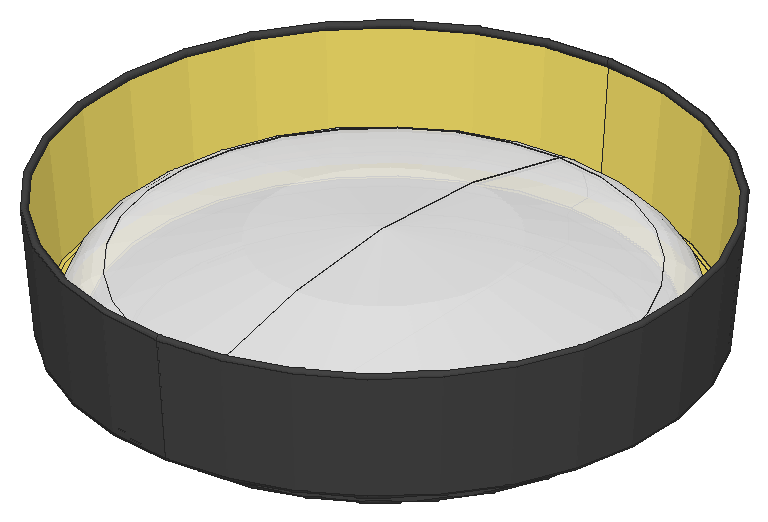
Revit family "AFX_Inc-Duncan-15_In-Ceiling_Light-", category Lighting Fixtures, host Face, Revit 2016
Family settings
  Host = Face
  Part Type = Normal
  Round Connector Dimension = Use Diameter
  Cut with Voids When Loaded = No
  Light Source = Yes
  Shared = No
  Room Calculation Point = No
Parameters (values of type "DUNF15LAJUDBKGD")
  Wattage Comments = "1 x 26 Watts Integrated LED"
  Wattage = 9.2903 W
  built-in parameter 1150110 = 1 (stored number, unit not read)
  Voltage = 120 V
  URL = "www.afxinc.com"
  Type Comments = "Duncan"  # constant formula
  Total Wattage = 26 W
  Total Lumens = 2500
  built-in parameter 1114217 = 1 (stored number, unit not read)
  Tilt Angle = 90.00°
  built-in parameter 1150109 = 1 (stored number, unit not read)
  built-in parameter 1150134 = (empty or 0)
  built-in parameter 1150113 = 1 (stored number, unit not read)
  Shade Finish = AFX - Shade Gold
  Product Documentation Link = "https://www.afx.lightingnewyork.com/product/afx-duncan-flush-mount-dunf15lajudbkgd.html"
  Emit from Circle Diameter = 14 1/2"
  Diffuser Finish = AFX - Diffuser Frosted
  Revit Model Built By = "https://servex-us.com/servex-revit/"
  Photometric Web File = "DUNF15LAJUDBKGD.IES"
  Model = "DUNF15LAJUDBKGD"
  Manufacturer = "AFX Inc"  # constant formula
  built-in parameter 1150105 = 510.25 (stored number, unit not read)
  Lumens = 1380 lm
  built-in parameter 1150115 = 1 (stored number, unit not read)
  built-in parameter 1150137 = (empty or 0)
  built-in parameter 1150139 = (empty or 0)
  built-in parameter 1150112 = 1 (stored number, unit not read)
  built-in parameter 1150114 = 1 (stored number, unit not read)
  Lamp = "LED"
  Keynote = "12500"
  built-in parameter 1150132 = (empty or 0)
  built-in parameter 1150102 = (empty or 0)
  built-in parameter 1150107 = 3000 (stored number, unit not read)
  built-in parameter 1150138 = (empty or 0)
  built-in parameter 1150106 = 5.1025 (stored number, unit not read)
  Emit Shape Visible in Rendering = yes
  built-in parameter 1150104 = 13.8 (stored number, unit not read)
  Dimming Lamp Color Temperature Shift = <None>
  Diameter = 15 1/2"
  Description = "Duncan 1 Light 16 inch Black and Gold Flush Mount Ceiling Light"
  Depth = 2 61/256"
  Default Elevation = 48"
  Color Rendering Index = 90
  Color Filter = 16777215
  Bulb Category = "LED"
  Body Finish = AFX - Metal Powder Coated Black
  built-in parameter 1114218 = 1 (stored number, unit not read)
  built-in parameter 1150133 = 10 (stored number, unit not read)
  Assembly Code = "E1020300"
  Apparent Load = 0 VA
Types (3): name | Shade Finish | Photometric Web File | Description
  (no name) | AFX - Shade Gold | "DUNF15LAJUDBKGD.IES" | "Duncan 1 Light 16 inch Black and Gold Flush Mount Ceiling Light"
  DUNF15LAJUDBKGD | AFX - Shade Gold | "DUNF15LAJUDBKGD.IES" | "Duncan 1 Light 16 inch Black and Gold Flush Mount Ceiling Light"
  DUNF15LAJUDBKWH | AFX - Shade White | "DUNF15LAJUDBKWH.IES" | "Duncan 1 Light 16 inch Black and White Flush Mount Ceiling Light"
Reference planes (in)
  plane 1 "Center (Front/Back)": y = 0
  plane 2: z = 0
  plane 3 "Center (Left/Right)": x = 7.65592
  plane 4: z = 1.5
Forms (in)
  Revolve 1, solid, material "AFX - Metal Powder Coated Black" <- "Body Finish"
    sketch origin (7.65592, 0, 0) x (0, 1, 0) y (0, 0, 1)
      loop
        arc (7.75605, 3.85002) -> (7.61966, 3.91462) -> (7.68573, 3.77894) r 0.07997
        line (7.68573, 3.77894) -> (7.38141, 0.88356)
        arc (7.38141, 0.88356) -> (7.36108, 0.84365) -> (7.31926, 0.82759) r 0.0625
        line (7.31926, 0.82759) -> (6.36236, 0.82759)
        arc (6.36236, 0.82759) -> (6.27397, 0.79098) -> (6.23736, 0.70259) r 0.125
        line (6.23736, 0.70259) -> (6.23736, 0.0625) -> (5.61757, 0.0625) -> (5.47154, 0.18504) -> (0, 0.18504) -> (0, 0.13796) -> (5.43041, 0.13796) -> (5.59482, 0) -> (6.23736, 0)
        arc (6.23736, 0) -> (6.28155, 0.01831) -> (6.29986, 0.0625) r 0.0625
        line (6.29986, 0.0625) -> (6.29986, 0.70259)
        arc (6.29986, 0.70259) -> (6.31817, 0.74679) -> (6.36236, 0.76509) r 0.0625
        line (6.36236, 0.76509) -> (7.37553, 0.76509)
        arc (7.37553, 0.76509) -> (7.41735, 0.78115) -> (7.43769, 0.82106) r 0.0625
        line (7.43769, 0.82106) -> (7.75605, 3.85002)
      axis (0, 3.85002) -> (0, 0)
    angle from 0 to 360
  Revolve 2, solid, material "AFX - Shade Gold" <- "Shade Finish"
    sketch origin (7.65592, 0, 0) x (0, 1, 0) y (0, 0, 1)
      loop
        line (7.68573, 3.77894) -> (7.62357, 3.78548) -> (7.32514, 0.94606)
        arc (7.32514, 0.94606) -> (7.3048, 0.90615) -> (7.26298, 0.89009) r 0.0625
        line (7.26298, 0.89009) -> (6.36236, 0.89009) -> (6.36236, 0.82759) -> (7.37553, 0.82759) -> (7.68573, 3.77894)
      axis (0, 3.78548) -> (0, 0.82759)
    angle from 0 to 360
  Revolve 3, solid, material "AFX - Diffuser Frosted" <- "Diffuser Finish"
    sketch origin (7.65592, 0, 0) x (0, 1, 0) y (0, 0, 1)
      loop
        arc (5.98015, 2.27134) -> (3.02519, 2.95939) -> (0, 3.19053) r 19.91269
        line (0, 3.19053) -> (0, 3.12803)
        arc (0, 3.12803) -> (3.0157, 2.89762) -> (5.96138, 2.21173) r 19.85019
        arc (5.96138, 2.21173) -> (6.6811, 1.68538) -> (6.93311, 0.83009) r 1.39039
        line (6.93311, 0.83009) -> (6.99565, 0.83009)
        arc (6.99565, 0.83009) -> (6.7315, 1.72235) -> (5.98015, 2.27134) r 1.45289
      axis (0, 3.19053) -> (0, 0.83009)
    angle from 0 to 360
Lines and regions (in)
  symbolic lines
    curve 1: line (-0.10894, 0, 3.93978) -> (0.22473, 0, 0.76511)
    curve 2: line (0.22473, 0, 0.76511) -> (1.35532, 0, 0.76511)
    curve 3: line (1.35532, 0, 0.76511) -> (1.35532, 0, 0)
    curve 4: line (-0.10894, 0, 3.93978) -> (15.42078, 0, 3.93978)
    curve 5: line (15.42078, 0, 3.93978) -> (15.08711, 0, 0.76511)
    curve 6: line (15.08711, 0, 0.76511) -> (13.95652, 0, 0.76511)
    curve 7: line (13.95652, 0, 0.76511) -> (13.95652, 0, 0)
    curve 8: line (1.35532, 0, 0) -> (13.95652, 0, 0)
Dimensions and locks (in)
  locked: plane 4 to plane 2 at 1.5
  aligned and locked: plane 2 to host face
  aligned and locked: level to host face
  aligned and locked: plane 3 "Center (Left/Right)" to imposter light
  aligned and locked: plane 1 "Center (Front/Back)" to imposter light
  aligned and locked: imposter light to plane 4
  aligned and locked: curve 8 to plane 2
Connectors (in)
  electrical at (7.65592, 0, 0), driven by "Voltage", driven by "Apparent Load"
    settings: on Revolve 1, index 1, voltage 120 V, apparent load 0 VA, apparent load phase1 0 VA, apparent load phase2 0 VA, apparent load phase3 0 VA, power factor 1, load classification "Lighting", number of poles 1, system type 31, power factor state 1, is connector primary yes, connector utility no, sub classification motor no, connector description ""
